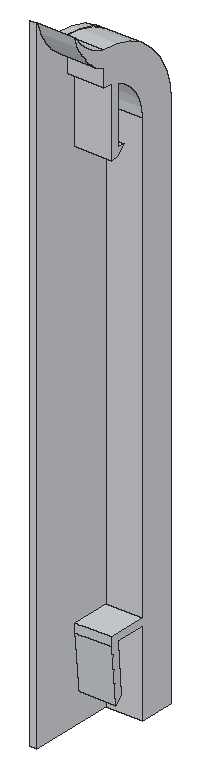
Revit family "HansWeitzel_2023", category Allgemeines Modell, Revit 2017
Family settings
  Basisbauteil = Wand
  Kann Basisbauteil für Bewehrung sein = Nein
  Bemaßung runder Anschluss = Durchmesser verwenden
  Teiletyp = Normal
  Immer vertikal = Ja
  Beim Laden mit Abzugskörper schneiden = Nein
  Gemeinsam genutzt = Nein
  Raumberechnungspunkt = Nein
Parameters
  max. Betriebstemperatur (°C) = 90
  Werkstoff = "Polystyrol"
  Wandmontage möglich = yes
  Typname = "HZ-Stoßverbinder BLF Buche hell"
  Tiefe (mm) = 30
  Profilart = "Anschlussprofi"
  Menge pro Verpackungseinheit = 10
  Ist Zubehör = no
  Ist System = no
  Höhe [mm] = 93
  Hersteller = "Hans Weitzel GmbH & Co. KG"
  HeinzeBIM = "https://www.heinze.de/bim/hz-stossverbinder-blf-buche-hell/09514256e93aba66c1a1dd1a7c993123abc9763f"
  HAN = "2023"
  Gewicht unverpackt (netto) [kg] = 0.008
  GTIN = "4022023213218"
  Farbton = "Holzart/Holzdekor"
  Dekor = "Buche hell"
  Breite [mm] = 40
  Beschreibung = "HZ-Stoßverbinder BLF Buche hell Formteil an Sollbruchstelle einkürzen"
  BIMSITE_PRODUCT_ID = "09514256e93aba66c1a1dd1a7c993123abc9763f"
  BIM = "https://media.live.bim.site/t/eyJhbGciOiJIUzI1NiIsInR5cCI6IkpXVCJ9.eyJjdCI6MSwidGYiOiJwdWJsaWMvaGFucy13ZWl0emVsLWdtYmgtY28ta2cvMjI1MGEyZS9IWl9CTEZfU3Rvc3N2ZXJiaW5kZXJfQmxpbmRsLnJmYSIsImNpZCI6ImZlZDk4ZTlhLTFiZDgtNGM2OC1hNzNiLTc0YTk0ZTMxNTgyMyIsInJpZCI6ImQ2YmFhNzRlZDMxNjk5ZGQzZGU1OGE5Y2VjZTViYWIzIiwicGlkIjoiMDk1MTQyNTZlOTNhYmE2NmMxYTFkZDFhN2M5OTMxMjNhYmM5NzYzZiIsInNpZCI6IjYzNTU4IiwidXQiOjUsImxjIjoiZGUiLCJpYXQiOjE1ODAyMDE3ODksImlzcyI6Imh0dHBzOi8vYXBpLmxpdmUuYmltLnNpdGUiLCJzdWIiOiJmNTg2YzRiNi1hNTA4LTQyN2EtOTgxOC0xMzE3OTY2NTc2YmMifQ.SNTXKyqzmOnEi89h2RVIS24Yr9AUsDLYDj282BLeyBA/HZ_BLF_Stossverbinder_Blindl.rfa"
Reference planes
  plane 1: y = 0
  plane 2 "Center (Left/Right)": x = 0
  plane 3 "Wall Edge": y = 76.2
Text (mm)
  text "Placement Side" at (0, 1019.848, 3124.603), in view "Right"
  text "Placement Side" at (-1787.662, 723.012, 0), in view "Ref. Level"
  text "Placement Side" at (0, 2073.289, 3571.227), in view "Left"
Dimensions and locks
  locked: plane 3 "Wall Edge" to host wall
  aligned and locked: plane 3 "Wall Edge" to nested 1
Nested families
  nested 1: "HZ_BLF_Stossverbinder_Blindl" at (1, 76.2, 0), type "HZ_BLF_Stossverbinder_Blindl"
Definition of nested family "HZ_BLF_Stossverbinder_Blindl"
  Reference planes
    plane 1 "Center (Front/Back)": y = 0
    plane 2: z = 0
    plane 3 "Center (Left/Right)": x = 0
  Forms (mm)
    Extrusion 1, solid
      sketch origin (0, 0, 0) x (0, 1, 0) y (0, 0, 1)
        loop
          arc (16, 72) -> (12.727, 79.83) -> (4.854, 82.999) r 11
          arc (4.854, 82.999) -> (2.091, 84.316) -> (0, 86.553) r 8.222
          arc (0, 86.553) -> (1.757, 83.087) -> (4.851, 80.736) r 8.67
          line (4.851, 80.736) -> (4.851, 78.472)
          arc (4.851, 78.472) -> (5.499, 78.442) -> (6.14, 78.346) r 6.5
          line (6.14, 78.346) -> (6.14, 69.232) -> (7.064, 69.232) -> (8.141, 70.371) -> (7.148, 70.371) -> (7.148, 78.059)
          arc (7.148, 78.059) -> (10.208, 75.675) -> (11.366, 71.972) r 6.5
          line (11.366, 71.972) -> (11.366, 12.318) -> (6.13, 12.318) -> (6.13, 11.14) -> (6.85, 3.802) -> (7.723, 4.72) -> (7.157, 11.4) -> (11.366, 11.4) -> (11.366, 0) -> (16, 0) -> (16, 72)
      from 0 to 5
    Extrusion 2, solid
      sketch origin (-1, 0, 0) x (0, 1, 0) y (0, 0, 1)
        loop
          line (16, 0) -> (16, 72)
          arc (16, 72) -> (12.727, 79.83) -> (4.854, 82.999) r 11
          arc (4.854, 82.999) -> (2.091, 84.316) -> (0, 86.553) r 8.222
          line (0, 86.553) -> (0, 0) -> (16, 0)
      from 0 to 1
  Dimensions and locks
    aligned and locked: plane 2 to level
